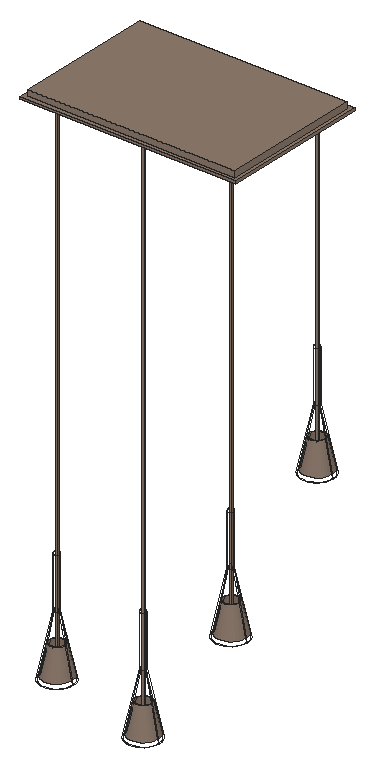
Revit family
Parameters
  Reflector D [instance] = G-5770 Note : G-5770 Note
  Reflector C [instance] = G-5770 Note : G-5770 Note
  Reflector B [instance] = G-5770 Note : G-5770 Note
  Reflector A [instance] = G-5770 Note : G-5770 Note
  Finish Option [instance] = Finish - HBOB
  Cable Length D [instance] = 3' - 0"
  Cable Length C [instance] = 4' - 0"
  Cable Length B [instance] = 5' - 0"
  Cable Length A [instance] = 6' - 0"
  Assembly Code = ""
Reference planes (in)
  plane 1 "Center (Front/Back)": y = 0
  plane 2 "Ceiling": z = 96
  plane 3 "Center (Left/Right)": x = 0
Forms (in)
  Extrusion 1, solid, material "Finish - HBOB" <- "Finish Option"
    sketch origin (0, 0, 96) x (1, 0, 0) y (0, 1, 0)
      loop
        line (-13, 9) -> (-13, -9) -> (13, -9) -> (13, 9) -> (-13, 9)
    from -1 to -0.75
  Extrusion 2, solid, material "Finish - HBOB" <- "Finish Option"
    sketch origin (0, 0, 96) x (1, 0, 0) y (0, 1, 0)
      loop
        circle (-10.5, -6.5) r 0.25
      loop
        circle (10.5, 6.5) r 0.25
      loop
        circle (10.5, -6.5) r 0.25
      loop
        circle (-10.5, 6.5) r 0.25
    from -2 to 0
  Extrusion 3, solid, material "Finish - HBOB" <- "Finish Option"
    sketch origin (0, 0, 96) x (1, 0, 0) y (0, 1, 0)
      loop
        line (-12.5, 8.5) -> (-12.5, -8.5) -> (12.5, -8.5) -> (12.5, 8.5) -> (-12.5, 8.5)
    from -1 to 0
Cuts and joins
  joined: Extrusion 1, Extrusion 2, Extrusion 3
Dimensions and locks (in)
  equal spacing: host sketch curve, plane 3 "Center (Left/Right)", host sketch curve
  equal spacing: host sketch curve, plane 1 "Center (Front/Back)", host sketch curve
  host sketch curve to host sketch curve = 10' - 0"  (x2)
  aligned: host ceiling to nested 1
  aligned: plane 1 "Center (Front/Back)" to nested 1
  aligned: plane 3 "Center (Left/Right)" to nested 1
Nested families (in)
  nested 1: "G-5770 Note" at (-10.5, -6.5, 94), type <- "Reflector B", Cable Length <- "Cable Length B", type "G-5770 Note"
    with Cable Length 5' - 0"
  nested 2: "G-5770 Note" at (-10.5, 6.5, 94), type <- "Reflector A", Cable Length <- "Cable Length A", type "G-5770 Note"
  nested 3: "G-5770 Note" at (10.5, -6.5, 94), type <- "Reflector C", Cable Length <- "Cable Length C", type "G-5770 Note"
    with Cable Length 4' - 0"
  nested 4: "G-5770 Note" at (10.5, 6.5, 94), type <- "Reflector D", Cable Length <- "Cable Length D", type "G-5770 Note"
    with Cable Length 3' - 0"
Definition of nested family "G-5770 Note"
  Parameters (values of type "G-5770 Note")
    Wattage Comments = "12V/35W"
    Lamp = "Halostar ECO GY635IRC"
    Glass Option = Glass - Clear
    Finish Option = Finish - HBOB
    Cable Length [instance] = 6' - 0"
  Reference planes (in)
    plane 1 "Light Source Axis (F/B)": y = 0
    plane 2: z = 0
    plane 3 "Light Source Axis (L/R)": x = 0
    plane 4 "Light Source Elevation": z = -72
  Forms (in)
    Revolve 1, solid, material "Glass - Clear" <- "Glass Option"
      sketch origin (0, 0, 0) x (1, 0, 0) y (0, 0, 1)
        loop
          line (1.87206, -74) -> (2, -74) -> (0.375, -66.55208) -> (0.375, -60.375)
          arc (0.375, -60.375) -> (0.30178, -60.19822) -> (0.125, -60.125) r 0.25
          line (0.125, -60.125) -> (0.125, -65.99264) -> (1.87206, -74)
        axis (0, -74) -> (0, -60.125)
      angle from 0 to 360
    Revolve 2, solid, material "Finish - HBOB" <- "Finish Option"
      sketch origin (0, 0, 0) x (1, 0, 0) y (0, 0, 1)
        loop
          line (1.63503, -73.5) -> (1.76297, -73.5) -> (0.99933, -70) -> (0.87139, -70) -> (1.63503, -73.5)
        axis (0, -73.5) -> (0, -70)
      angle from 0 to 360
    Extrusion 3, solid, material "Finish - HBOB" <- "Finish Option"
      sketch origin (0, 0, 0) x (1, 0, 0) y (0, 1, 0)
        loop
          circle (0, 0) r 0.125
      from -71 to 0
  Dimensions and locks (in)
    locked: plane 4 "Light Source Elevation" to Revolve 1 at 2
    "Cable Length": level to plane 4 "Light Source Elevation"
    locked: plane 4 "Light Source Elevation" to Revolve 2 at 1.5
    locked: Extrusion 3 to plane 4 "Light Source Elevation" at 1
    aligned and locked: level to plane 2
    aligned: level to Extrusion 3
    aligned and locked: level to Extrusion 3
  Automatic sketch dimensions
    Revolve 1 sketch curve to plane 3 "Light Source Axis (L/R)" = 0' - 0"
    plane 3 "Light Source Axis (L/R)" to Revolve 1 sketch curve = 0' - 0 1/8"
    plane 3 "Light Source Axis (L/R)" to Revolve 1 sketch curve = 0' - 0 3/8"
    Revolve 1 sketch curve to Revolve 1 sketch curve = 0' - 1.87206"
    Revolve 1 sketch curve to Revolve 1 sketch curve = 0' - 0.12794"
    plane 4 "Light Source Elevation" to Revolve 1 sketch curve = 0' - 2"
    Revolve 1 sketch curve to Revolve 1 sketch curve = 0' - 0"
    Revolve 1 sketch curve to plane 4 "Light Source Elevation" = 0' - 5.44792"
    Revolve 1 sketch curve to Revolve 1 sketch curve = 0' - 0.55944"
    Revolve 1 sketch curve to Revolve 1 sketch curve = 0' - 5.61764"
    Revolve 1 sketch curve to Revolve 1 sketch curve = 0' - 2 1/8"
    Revolve 2 sketch curve to plane 3 "Light Source Axis (L/R)" = 0' - 0"
    plane 3 "Light Source Axis (L/R)" to Revolve 2 sketch curve = 0' - 0.87139"
    plane 3 "Light Source Axis (L/R)" to Revolve 2 sketch curve = 0' - 1.63503"
    Revolve 2 sketch curve to Revolve 2 sketch curve = 0' - 0.12794"  (x2)
    plane 4 "Light Source Elevation" to Revolve 2 sketch curve = 0' - 2"
    plane 4 "Light Source Elevation" to Revolve 2 sketch curve = 0' - 1 1/2"
    Revolve 2 sketch curve to plane 4 "Light Source Elevation" = 0' - 2"
    Revolve 2 sketch curve to Revolve 2 sketch curve = 1' - 0"
    Extrusion 3 sketch curve to Extrusion 3 sketch curve = 0' - 0"  (x2)
    plane 1 "Light Source Axis (F/B)" to Extrusion 3 sketch curve = 0' - 0"
    Extrusion 3 sketch curve to plane 3 "Light Source Axis (L/R)" = 0' - 0"
    Extrusion 3 sketch curve to Extrusion 3 sketch curve = 0' - 0 1/8"
  Nested families (in)
    nested 1: "Bulb - Halostar ECO 9250035-ECO" at (-0.01962, 0.00306, -71), type "Bulb - Halostar ECO 9250035-ECO"
  Definition of nested family "Bulb - Halostar ECO 9250035-ECO"
    Parameters (values of type "Bulb - Halostar ECO 9250035-ECO")
      Wattage Comments = "12V/35W"
      Wattage = 5.78961 W
      built-in parameter 1150110 = 1 (stored number, unit not read)
      built-in parameter 1114217 = 1 (stored number, unit not read)
      built-in parameter 1150109 = 1 (stored number, unit not read)
      built-in parameter 1150134 = (empty or 0)
      built-in parameter 1150113 = 1 (stored number, unit not read)
      built-in parameter 1150105 = 68.437 (stored number, unit not read)
      Lumens = 860 lm
      built-in parameter 1150115 = 1 (stored number, unit not read)
      Light Source Symbol Size = 2' - 0"
      built-in parameter 1150137 = (empty or 0)
      built-in parameter 1150139 = (empty or 0)
      built-in parameter 1150112 = 1 (stored number, unit not read)
      built-in parameter 1150114 = 1 (stored number, unit not read)
      Lamp = "Osram Halostar ECO: 9250*035-ECO"
      built-in parameter 1150132 = 2
      built-in parameter 1150102 = (empty or 0)
      built-in parameter 1150107 = 3000 (stored number, unit not read)
      built-in parameter 1150138 = (empty or 0)
      built-in parameter 1150106 = 0.68437 (stored number, unit not read)
      built-in parameter 1150104 = 13.8 (stored number, unit not read)
      Dimming Lamp Color Temperature Shift = (empty or 0)
      Default Elevation = 6' - 0"
      Color Filter = 16777215
      built-in parameter 1114218 = 1 (stored number, unit not read)
      built-in parameter 1150133 = 10 (stored number, unit not read)
    Reference planes (in)
      plane 1 "Center (Front/Back)": y = 0
      plane 2: z = 0
      plane 3 "Center (Left/Right)": x = 0
    Forms (in)
      Extrusion 1, solid
        sketch origin (0, 0, 0) x (1, 0, 0) y (0, 1, 0)
          loop
            line (-48, 48) -> (-48, -48) -> (48, -48) -> (48, 48) -> (-48, 48)
        from 0 to -12
    Dimensions and locks (in)
      aligned and locked: plane 2 to Extrusion 1
      aligned and locked: level to Extrusion 1
